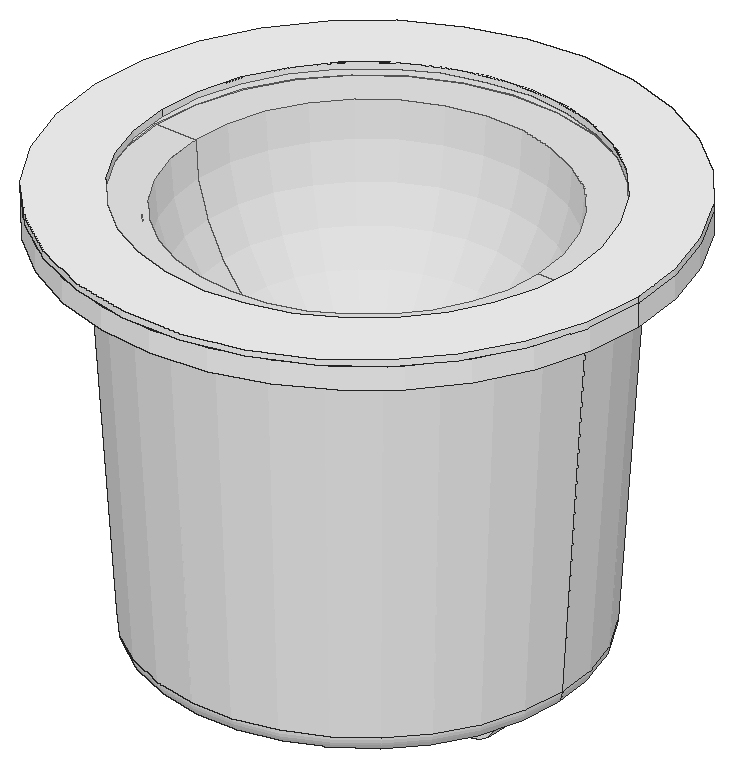
Revit family "2058905", category Lighting Fixtures, host Face, Revit 2018
Family settings
  Host = Face
  Round Connector Dimension = Use Diameter
  Part Type = Normal
  OmniClass Number = 23.80.70.11.17
  OmniClass Title = Specialized Lighting by Location or Use
  Cut with Voids When Loaded = No
  Light Source = Yes
  Shared = No
  Room Calculation Point = No
Parameters (values of type "2058905 MYRIAD DECO IP65 SP 2.7K DALI SI CBEZ")
  Weight = "n/a"
  Wattage = 15 W
  WarrantyStartDate [instance] = "n/a"
  WarrantyGuarantorParts = "n/a"
  WarrantyDurationUnit = "n/a"
  WarrantyDurationParts = ""
  WarrantyDescription = "http://www.sylvania-lighting.com"
  built-in parameter 1150110 = 1 (stored number, unit not read)
  Voltage = 230 V
  URL = "0"
  TypeName = "MYRIAD DECO IP65 SPOT 2700K DALI SILVER CBEZ"
  Type Image = 0
  Type Comments = ""
  built-in parameter 1114217 = 1 (stored number, unit not read)
  Tilt Angle = -90°
  built-in parameter 1150109 = 1 (stored number, unit not read)
  built-in parameter 1150134 = (empty or 0)
  built-in parameter 1150113 = 1 (stored number, unit not read)
  SerialNumber [instance] = "n/a"
  Reflector Radius = Cutout Diameter / 2 - 2.5 mm  # 35.0 mm
  Reflector Material = Aluminum_Sylvania_Myriad_Bright
  Recessed Depth = Height  # 72.0 mm
  PowerFactor = 0
  PowerConsumption = "Lighting"
  Photometric Web File = "2058905.ies"
  NominalWidth = 0.0 mm
  NominalLength = 76.0 mm
  NominalHeight = 72.0 mm
  Name = "MYRIAD DECO IP65 SPOT 2700K DALI SILVER CBEZ"
  ModelReference = "MYRIAD DECO IP65 SPOT 2700K DALI SILVER CBEZ"
  ModelNumber = "2058905"
  Material = "Feilo Sylvania"
  ManufacturerName = "124 lm/W"
  LuminousEfficacy = ""
  LuminaireType = "0"
  LightOutputRatio = "LED"
  LampsType = Lamp  # "n/a"
  LampNominalLuminous = "2700 K"
  LampMacAdamStep = "85"
  LampColourTemperature = "LED"
  LampColourRenderingIndex = "16500"
  Keynote = "n/a"
  Keynote_2 = "16500"
  InstallationDate [instance] = "n/a"
  InputVoltage = "0"
  InputNominalFrequency = "2700"
  IngressProtection = "IfcLightFixtureType"
  ImpactProtectionIndex = "IfcLightFixtureType"
  IfcExportType = "IfcLightFixtureType"
  IfcExportAs = "Class II"
  Height = 72.0 mm  # constant formula
  ExpectedLife = 50000
  Emit from Circle Diameter = Accessory Inner Diameter 2  # 68.0 mm
  Emit Shape Visible in Rendering = no
  ElectricShockClassification = "124"
  DurationUnit = "hours"
  DocumentationLiterature = "http://www.sylvania-lighting.com/product/en-int/products/2058905"
  DimmingControlOptions = "n/a"
  Diffuser Material = Glass_Sylvania_Myriad_Clear_4000K
  Diffuser Diameter = Cutout Diameter  # 75.0 mm
  Cutout Diameter = 75.0 mm  # constant formula
  CreatedOn = "03/02/2022"
  CreatedBy = "@sylvania-lighting.com"
  built-in parameter 1001205 = 0
  Cost = 0
  built-in parameter 1114216 [instance] = 1 (stored number, unit not read)
  Model = "MYRIAD DECO IP65 SPOT 2700K DALI SILVER CBEZ"
  Manufacturer = "Feilo Sylvania"  # constant formula
  built-in parameter 1150105 = 83.556 (stored number, unit not read)
  Lumens = 1050 lm
  built-in parameter 1150115 = 1 (stored number, unit not read)
  built-in parameter 1150137 = (empty or 0)
  built-in parameter 1150139 = (empty or 0)
  built-in parameter 1150112 = 1 (stored number, unit not read)
  built-in parameter 1150114 = 1 (stored number, unit not read)
  Lamp = "n/a"
  built-in parameter 1150132 = (empty or 0)
  built-in parameter 1150102 = (empty or 0)
  built-in parameter 1150107 = 2700 (stored number, unit not read)
  built-in parameter 1150138 = (empty or 0)
  built-in parameter 1150106 = 0.83556 (stored number, unit not read)
  built-in parameter 1150104 = 6.5032 (stored number, unit not read)
  Dimming Lamp Color Temperature Shift = <None>
  Description = "Supplied complete with electronic control gear Compact Fluorescent low energy downlight Emergency version passes through the cut out Ideal for low level orientation lighting New range of Architectural accessories each providing a different lit dimension New completely flush plaster up accessory ring for clean ceiling lines and smooth finish Order lamp separately"  # constant formula
  Default Elevation = 0.0 mm
  Color Filter = 16777215
  built-in parameter 1140040 [instance] = 1
  Body Radius = Reflector Radius + 1.5 mm  # 36.5 mm
  Body Material = Aluminum_Sylvania_Myriad_Gray
  BarCode [instance] = "n/a"
  built-in parameter 1114218 = 1 (stored number, unit not read)
  built-in parameter 1150133 = 10 (stored number, unit not read)
  AssetType = "Fixed"
  AssetIdentifier [instance] = "n/a"
  Assembly Code = "D5020200"
  Apparent Load = 10 VA
  Accessory Material = Aluminum_Sylvania_Myriad_White
  Accessory Inner Diameter 2 = Accessory Diameter - 22.0 mm  # 68.0 mm
  Accessory Inner Diameter 1 = Accessory Diameter - 2.0 mm  # 88.0 mm
  Accessory Diameter = Cutout Diameter + 15.0 mm  # 90.0 mm
Reference planes
  plane 1 "Center (Front/Back)": y = 0
  plane 2: z = 0
  plane 3 "Center (Left/Right)": x = 0
  plane 4: z = 2
  plane 5 "Fixture Bottom": z = 4.5
  plane 6: z = -28.5
  plane 7: z = -61.5
  plane 8 "Fixture Top": z = -67.5
  plane 9: z = 3.5
Forms (mm)
  Revolve 1, solid, material "Aluminum_Sylvania_Myriad_Bright" <- "Reflector Material", detail levels fine
    sketch origin (0, 0, 0) x (1, 0, 0) y (0, 0, 1)
      loop
        line (0, -27.515) -> (-6, -27.515)
        arc (-6, -27.515) -> (-22.333, -16.632) -> (-28.5, 2) r 30.135
        line (-28.5, 2) -> (-35, 2) -> (-35, 0) -> (-29.184, 0)
        arc (-29.184, 0) -> (-22.423, -18.18) -> (-6, -28.5) r 30.204
        line (-6, -28.5) -> (0, -28.5) -> (0, -27.515)
      axis (0, -28.5) -> (0, 2)
    angle from 0 to 360
  Revolve 2, solid, material "Aluminum_Sylvania_Myriad_Gray" <- "Body Material", detail levels fine
    sketch origin (0, 0, 0) x (1, 0, 0) y (0, 0, 1)
      loop
        line (-44, 2) -> (-44, 0) -> (-36.5, 0) -> (-32.42, -58.708)
        arc (-32.42, -58.708) -> (-31.474, -60.694) -> (-29.428, -61.5) r 3
        line (-29.428, -61.5) -> (0, -61.5) -> (0, -28.5) -> (-6, -28.5)
        arc (-6, -28.5) -> (-22.423, -18.18) -> (-29.184, 0) r 30.204
        line (-29.184, 0) -> (-35, 0) -> (-35, 2) -> (-44, 2)
      axis (0, 2) -> (0, -61.5)
    angle from 0 to 360
  Extrusion 3, solid, material "Aluminum_Sylvania_Myriad_Gray" <- "Body Material", detail levels fine
    sketch origin (0, 0, 0) x (1, 0, 0) y (0, 0, 1)
      loop
        line (-13.5, -67.5) -> (21, -67.5)
        arc (21, -67.5) -> (23.828, -66.328) -> (25, -63.5) r 4
        line (25, -63.5) -> (25, -61.5) -> (-17.5, -61.5) -> (-17.5, -63.5)
        arc (-17.5, -63.5) -> (-16.328, -66.328) -> (-13.5, -67.5) r 4
    from -4.5 to 4.5
  Extrusion 4, solid, material "Aluminum_Sylvania_Myriad_White" <- "Accessory Material", detail levels fine
    sketch origin (0, 0, 0) x (1, 0, 0) y (0, 1, 0)
      loop
        circle (0, 0) r 45
      loop
        circle (0, 0) r 44
    from 0 to 3.5
  Extrusion 5, solid, material "Aluminum_Sylvania_Myriad_White" <- "Accessory Material", detail levels fine
    sketch origin (0, 0, 0) x (1, 0, 0) y (0, 1, 0)
      loop
        circle (0, 0) r 45
      loop
        circle (0, 0) r 34
    from 3.5 to 4.5
  Extrusion 6, solid, material "Aluminum_Sylvania_Myriad_White" <- "Accessory Material", detail levels coarse+medium
    sketch origin (0, 0, 0) x (1, 0, 0) y (0, 1, 0)
      loop
        circle (0, 0) r 45
    from 0 to 4.5
  Revolve 7, solid, detail levels coarse+medium
    sketch origin (0, 0, 0) x (1, 0, 0) y (0, 0, 1)
      loop
        line (36.5, 0) -> (0, 0) -> (0, -61.5) -> (32.226, -61.5) -> (36.5, 0)
      axis (0, 0) -> (0, -61.5)
    angle from 0 to 360
  Extrusion 8, void
    sketch origin (0, 0, 0) x (1, 0, 0) y (0, 1, 0)
      loop
        circle (0, 0) r 37.5
    from -67.5 to 0
  Extrusion 9, solid, material "Glass_Sylvania_Myriad_Clear_4000K" <- "Diffuser Material", detail levels fine
    sketch origin (0, 0, 0) x (1, 0, 0) y (0, 1, 0)
      loop
        circle (0, 0) r 37.5
    from 2 to 3.5
Cuts and joins
  joined: Extrusion 4, Extrusion 5
Lines and regions (mm)
  Masking region 1
    outline origin (0, 0, 0) x (1, 0, 0) y (0, 1, 0)
      loop
        circle (0, 0) r 45
  symbolic lines
    curve 1: arc (-34, 0, 0) -> (0, 34, 0) -> (34, 0, 0) r 34
    curve 2: arc (34, 0, 0) -> (0, -34, 0) -> (-34, 0, 0) r 34
Dimensions and locks
  locked: plane 7 to plane 8 "Fixture Top" at 6
  "Body Radius": Revolve 7 sketch curve to plane 3 "Center (Left/Right)"
  locked: Revolve 7 sketch curve to Revolve 7 sketch curve at 4.274
  plane 5 "Fixture Bottom" to plane 9 to plane 4 to plane 2 to plane 6 = 1.0 mm locked, 1.5 mm locked, 2.0 mm locked, 28.5 mm locked
  "Reflector Radius": Revolve 1 sketch curve to plane 3 "Center (Left/Right)"
  Revolve 1 sketch curve to Revolve 1 sketch curve to Revolve 1 sketch curve to Revolve 1 sketch curve = 6.5 mm locked, 22.5 mm locked, 0.0 mm locked
  "Reflector Radius": plane 3 "Center (Left/Right)" to Revolve 2 sketch curve
  Revolve 2 sketch curve to Revolve 2 sketch curve to Revolve 2 sketch curve = 7.5 mm locked, 1.5 mm locked
  Revolve 2 sketch curve to Revolve 2 sketch curve to Revolve 2 sketch curve = 5.816 mm locked, 23.184 mm locked
  Revolve 2 sketch curve to Revolve 2 sketch curve to Revolve 2 sketch curve = 2.58 mm locked, 2.993 mm locked
  "Accessory Diameter": diameter of Extrusion 4 sketch curve
  "Accessory Inner Diameter 1": diameter of Extrusion 4 sketch curve
  "Accessory Diameter": diameter of Extrusion 5 sketch curve
  "Accessory Diameter": diameter of Extrusion 6 sketch curve
  "Cutout Diameter": diameter of Extrusion 8 sketch curve
  "Accessory Inner Diameter 2": diameter of Extrusion 5 sketch curve
  "Diffuser Diameter": diameter of Extrusion 9 sketch curve
  aligned and locked: plane 2 to host face
  aligned and locked: level to host face
  aligned and locked: plane 1 "Center (Front/Back)" to imposter light
  aligned and locked: plane 3 "Center (Left/Right)" to imposter light
  aligned and locked: Revolve 1 sketch curve to imposter light
  aligned and locked: Extrusion 3 sketch curve to plane 8 "Fixture Top"
  aligned and locked: plane 7 to Extrusion 3 sketch curve
  aligned and locked: Extrusion 4 to plane 2
  aligned and locked: plane 9 to Extrusion 4
  aligned and locked: Extrusion 5 to plane 9
  aligned and locked: plane 5 "Fixture Bottom" to Extrusion 5
  aligned and locked: Extrusion 6 to plane 2
  aligned and locked: plane 5 "Fixture Bottom" to Extrusion 6
  aligned and locked: Extrusion 8 to plane 8 "Fixture Top"
  aligned and locked: plane 2 to Extrusion 8
  aligned and locked: Masking region 1 sketch curve to Extrusion 6  (x2)
  aligned and locked: Extrusion 9 to plane 4
  aligned and locked: plane 9 to Extrusion 9
  aligned and locked: plane 4 to Revolve 2 sketch curve
  aligned and locked: Revolve 2 sketch curve to plane 2
  aligned and locked: curve 1 to cut or joined group of Extrusion 4, Extrusion 5
  aligned and locked: curve 2 to cut or joined group of Extrusion 4, Extrusion 5
  aligned and locked: imposter light to plane 5 "Fixture Bottom"
Automatic sketch dimensions
  host sketch curve to host sketch curve = 1305.563 mm
  host sketch curve to host sketch curve = 1283.632 mm
  Extrusion 3 sketch curve to plane 7 = 2.0 mm
  Extrusion 3 sketch curve to plane 3 "Center (Left/Right)" = 13.5 mm
  plane 3 "Center (Left/Right)" to Extrusion 3 sketch curve = 21.0 mm
  Extrusion 3 sketch curve to Extrusion 3 sketch curve = 4.0 mm
  Revolve 1 sketch curve to level = 0.0 mm
  Revolve 1 sketch curve to plane 3 "Center (Left/Right)" = 0.0 mm
  Revolve 1 sketch curve to plane 6 = 0.0 mm
  Revolve 1 sketch curve to plane 4 = 0.0 mm
  Revolve 1 sketch curve to Revolve 1 sketch curve = 0.684 mm
  level to Revolve 1 sketch curve = 0.88 mm
  Revolve 1 sketch curve to plane 4 = 0.363 mm
  Revolve 1 sketch curve to Revolve 1 sketch curve = 0.625 mm
  Revolve 1 sketch curve to plane 8 "Fixture Top" = 232.8 mm
  plane 5 "Fixture Bottom" to Revolve 1 sketch curve = 291.243 mm
  Revolve 2 sketch curve to plane 3 "Center (Left/Right)" = 0.0 mm  (x2)
  Revolve 2 sketch curve to plane 7 = 0.0 mm
  Revolve 2 sketch curve to plane 6 = 0.0 mm
  Revolve 2 sketch curve to level = 0.0 mm
  level to Revolve 2 sketch curve = 0.88 mm
  plane 7 to Revolve 2 sketch curve = 2.792 mm
  Revolve 2 sketch curve to plane 8 "Fixture Top" = 304.774 mm
  plane 5 "Fixture Bottom" to Revolve 2 sketch curve = 1137.105 mm
  Extrusion 4 sketch curve to Extrusion 4 sketch curve = 0.0 mm  (x2)
  plane 1 "Center (Front/Back)" to Extrusion 4 sketch curve = 0.0 mm
  Extrusion 4 sketch curve to plane 3 "Center (Left/Right)" = 0.0 mm
  Extrusion 5 sketch curve to Extrusion 5 sketch curve = 0.0 mm  (x2)
  plane 1 "Center (Front/Back)" to Extrusion 5 sketch curve = 0.0 mm
  Extrusion 5 sketch curve to plane 3 "Center (Left/Right)" = 0.0 mm
  plane 1 "Center (Front/Back)" to Extrusion 6 sketch curve = 0.0 mm
  Extrusion 6 sketch curve to plane 3 "Center (Left/Right)" = 0.0 mm
  Revolve 7 sketch curve to level = 0.0 mm
  Revolve 7 sketch curve to plane 3 "Center (Left/Right)" = 0.0 mm  (x2)
  Revolve 7 sketch curve to plane 7 = 0.0 mm
  Revolve 7 sketch curve to plane 8 "Fixture Top" = 304.774 mm
  plane 5 "Fixture Bottom" to Revolve 7 sketch curve = 43.226 mm
  plane 1 "Center (Front/Back)" to Extrusion 8 sketch curve = 0.0 mm
  Extrusion 8 sketch curve to plane 3 "Center (Left/Right)" = 0.0 mm
  plane 1 "Center (Front/Back)" to Extrusion 9 sketch curve = 0.0 mm
  Extrusion 9 sketch curve to plane 3 "Center (Left/Right)" = 0.0 mm
Connectors
  electrical at (-0.006, -0.019, -67.5), driven by "Apparent Load", driven by "Apparent Load"
    settings: on plane 8 "Fixture Top", index 1, voltage 230 V, apparent load 10 VA, apparent load phase1 10 VA, apparent load phase2 0 VA, apparent load phase3 0 VA, power factor 1, load classification "Lighting", number of poles 1, system type 30, power factor state 1, is connector primary yes, connector utility no, sub classification motor no, connector description ""
